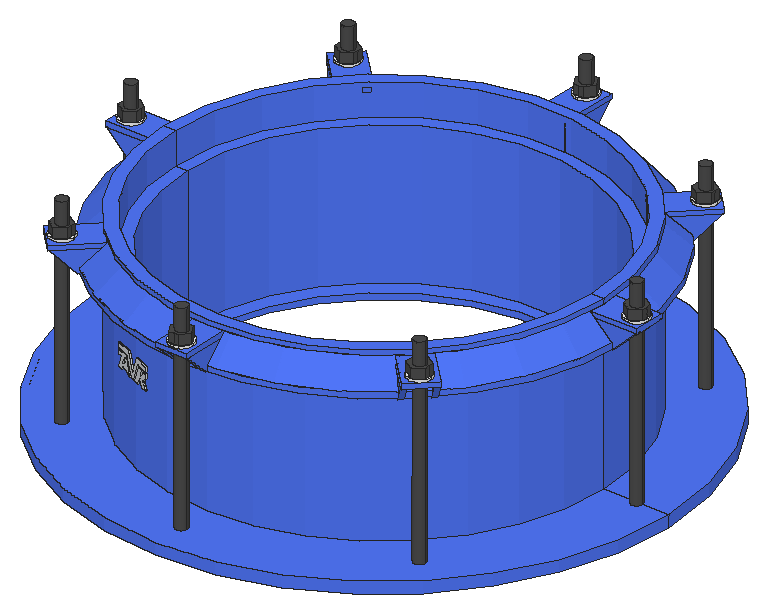
Revit family "603-A-6100-DN400", category Pipe Accessories, Revit 2019
Family settings
  Round Connector Dimension = Use Diameter
  Part Type = Valve - Breaks Into
  Work Plane-Based = No
  Always vertical = Yes
  Cut with Voids When Loaded = No
  Shared = No
Parameters (values of type "603-436-000-4100_DN400")
  Washer_ref = size_lookup(Search_table, "Washer_ref", 0 mm, [Nomianal_Diameter(DN)])  # 188 mm
  Washer = 3 mm  # constant formula
  URL product pages = "https://www.avkvalves.com/P.aspx?no=6034360006100"
  Search_table = "603-A-6100-DN400"
  Rib_width = size_lookup(Search_table, "Rib_width", 0 mm, [Nomianal_Diameter(DN)])  # 556 mm
  Rib_length = 32 mm  # constant formula
  Rib_Thickness = 5 mm  # constant formula
  PCD = size_lookup(Search_table, "PCD", 0 mm, [Nomianal_Diameter(DN)])  # 530 mm
  Nut = 10 mm  # constant formula
  Length = size_lookup(Search_table, "Length", 0 mm, [Nomianal_Diameter(DN)])  # 165 mm
  L1 = size_lookup(Search_table, "L1", 0 mm, [Nomianal_Diameter(DN)])  # 100 mm
  L3 = size_lookup(Search_table, "L3", 0 mm, [Nomianal_Diameter(DN)]) - 7 mm  # 158 mm
  L = size_lookup(Search_table, "L", 0 mm, [Nomianal_Diameter(DN)]) - Bottm_height  # 220 mm
  ID = [Nomianal_Diameter(DN)] / 2.5  # 160 mm
  Nomianal_Diameter(DN) = 400 mm
  H1 = size_lookup(Search_table, "H1", 0 mm, [Nomianal_Diameter(DN)])  # 33 mm
  Description_ = "AVK UNIVERSAL SUPA® FLANGE ADAPTOR"
  DN400_436-462 = "603-462-000-6100"
  DN400_410- 436 = "603-436-000-6100"
  DN2_ref = DN2 / 2  # 205 mm
  DN2 = size_lookup(Search_table, "DN2", 0 mm, [Nomianal_Diameter(DN)])  # 410 mm
  DN1_ref = DN1 / 2  # 218 mm
  DN1 = size_lookup(Search_table, "DN1", 0 mm, [Nomianal_Diameter(DN)])  # 436 mm
  D4 = (PCD / 2) + Bottom_Flange_Thicckness  # 277 mm
  D3 = (D2 * 1.1)  # 253.55 mm
  D2 = size_lookup(Search_table, "D2", 0 mm, [Nomianal_Diameter(DN)]) / 2  # 230.5 mm
  D = size_lookup(Search_table, "D", 0 mm, [Nomianal_Diameter(DN)]) / 2  # 298.5 mm
  Bottom_Flange_Thicckness = 12 mm  # constant formula
  Bottm_height = size_lookup(Search_table, "Bottm_height", 0 mm, [Nomianal_Diameter(DN)])  # 6 mm
  Bottm_cut = size_lookup(Search_table, "Bottm_cut", 0 mm, [Nomianal_Diameter(DN)]) / 2  # 242 mm
  Bolt_width = 20 mm  # constant formula
  Bolt_ref = size_lookup(Search_table, "Bolt_ref", 0 mm, [Nomianal_Diameter(DN)])  # 198 mm
Types (3, lengths in mm): name | ID | Nomianal_Diameter(DN) | DN2_ref | DN2 | DN1_ref | DN1 | D3 | D2
  (no name) | 160 | 400 | 205 | 410 | 218 | 436 | 253.55 | 230.5
  603-436-000-4100_DN400 | 160 | 400 | 205 | 410 | 218 | 436 | 253.55 | 230.5
  603-462-000-4100_DN400 | 160.04 | 400.1 | 218 | 436 | 231 | 462 | 261.25 | 237.5
Reference planes
  plane 1 "Center (Front/Back)": y = 0
  plane 2: z = 0
  plane 3 "Center (Left/Right)": x = 0
  plane 4: y = 278
  plane 5: y = -278
  plane 6: x = -278
  plane 7: x = 278
  plane 8: z = 165
  plane 9: z = 159
  plane 10: y = -11.5
  plane 11: y = 11.5
  plane 12: x = 11
  plane 13: x = -11
  plane 14: x = -265
  plane 15: x = 265
  plane 16: y = 265
  plane 17: y = -265
  plane 18: x = -255
  plane 19: x = -275
  plane 20: y = 11.187
  plane 21: y = -11.187
  plane 22: y = 5
  plane 23: y = 5
  plane 24: y = -5
  plane 25: y = -5
  plane 26: x = 0
  plane 27: x = 0
  plane 28: y = -255
  plane 29: y = -275
  plane 30: x = -5
  plane 31: x = 5
  plane 32: x = 5
  plane 33: x = -5
  plane 34: x = 11
  plane 35: x = -11
  plane 36: y = 265
  plane 37: y = 275
  plane 38: y = 255
  plane 39: x = -5
  plane 40: x = 5
  plane 41: x = 11
  plane 42: x = -11
  plane 43: x = 11
  plane 44: x = -11
  plane 45: x = 265
  plane 46: x = 275
  plane 47: x = 255
  plane 48: y = 11.187
  plane 49: y = -11.187
  plane 50: y = 5
  plane 51: y = 5
  plane 52: y = -5
  plane 53: y = -5
  plane 54: y = 11.187
  plane 55: y = -11.187
  plane 56: x = 64.5
  plane 57: x = -64.5
  plane 58: y = 64.5
  plane 59: y = -64.5
  plane 60: x = -265
  plane 61: x = 265
  plane 62: x = -250
  plane 63: z = -1.012
  plane 64: x = 265
  plane 65: x = -265
  plane 66: x = 250
  plane 67: z = -1.012
  plane 68: y = 265
  plane 69: y = -265
  plane 70: y = -265
  plane 71: y = 265
  plane 72: z = -6
  plane 73: x = -298.5
  plane 74: x = 298.5
  plane 75: through (0, 0, 1200) normal (-0.7071, -0.7071, 0)
  plane 76: through (0, 0, 1200) normal (-0.7071, 0.7071, 0)
  plane 77: through (0, 0, 1200) normal (-0.7071, 0.7071, 0)
  plane 78: x = -187.278
  plane 79: x = -177.278
  plane 80: x = -197.278
  plane 81: through (0, 0, 1200) normal (0.7071, 0.7071, 0)
  plane 82: x = 187.477
  plane 83: x = 197.477
  plane 84: x = 177.477
  plane 85: through (0, 0, 1200) normal (-0.7071, 0.7071, 0)
  plane 86: x = 187.278
  plane 87: x = 177.278
  plane 88: x = 197.278
  plane 89: x = -187.477
  plane 90: x = -197.477
  plane 91: x = -177.477
  plane 92: x = -187.278
  plane 93: x = 342.722
  plane 94: x = -172.278
  plane 95: z = -1.012
  plane 96: x = 187.278
  plane 97: x = -342.722
  plane 98: x = 172.278
  plane 99: z = -1.012
  plane 100: x = -187.278
  plane 101: x = 342.722
  plane 102: x = -172.278
  plane 103: z = -1.012
  plane 104: x = 187.278
  plane 105: x = -342.722
  plane 106: x = 172.278
  plane 107: z = -1.012
Forms (mm)
  Revolve 1, solid, material "Plastic"
    sketch origin (0, 0, 0) x (1, 0, 0) y (0, 0, 1)
      loop
        line (0, 0) -> (298.5, 0) -> (298.5, 12) -> (230.5, 12) -> (230.5, 158) -> (253.55, 158) -> (253.55, 164) -> (230.5, 186) -> (230.5, 191) -> (0, 191) -> (0, 0)
      axis (0, 0) -> (0, 191)
    angle from 0 to 360
  Extrusion 2, solid, material "Plastic"
    sketch origin (0, 0, 0) x (1, 0, 0) y (0, 0, 1)
      loop
        line (-16, 186) -> (-16, 181) -> (16, 181) -> (16, 186) -> (-16, 186)
    from -278 to 278
  Extrusion 3, solid, material "Plastic"
    sketch origin (0, 0, 0) x (0, 1, 0) y (0, 0, 1)
      loop
        line (16.5, 186) -> (-16.5, 186) -> (-16.5, 181) -> (16.5, 181) -> (16.5, 186)
    from -278 to 278
  Extrusion 4, solid, material "Stainless Steel AISI 304"
    sketch origin (0, 0, 0) x (1, 0, 0) y (0, 1, 0)
      loop
        circle (0, 265) r 6
      loop
        circle (0, -265) r 6
      loop
        circle (-265, 0) r 6
      loop
        circle (265, 0) r 6
      loop
        circle (-187.383, 187.383) r 6
      loop
        circle (187.383, -187.383) r 6
      loop
        circle (187.383, 187.383) r 6
      loop
        circle (-187.383, -187.383) r 6
    from 12 to 220
  Extrusion 5, solid, material "Plastic"
    sketch origin (0, 0, 0) x (0.707107, -0.707107, 0) y (0, 0, 1)
      loop
        line (-253.55, 158) -> (0, 158) -> (253.55, 158) -> (277, 181) -> (0, 181) -> (-277, 181) -> (-253.55, 158)
    from 11.5 to 16.5
  Extrusion 6, solid, material "Plastic"
    sketch origin (0, 0, 0) x (0.707107, -0.707107, 0) y (0, 0, 1)
      loop
        line (253.55, 158) -> (277, 181) -> (-277, 181) -> (-253.55, 158) -> (253.55, 158)
    from -16.5 to -11.5
  Extrusion 7, solid, material "Plastic"
    sketch origin (0, 0, 0) x (0, 1, 0) y (0, 0, 1)
      loop
        line (277, 181) -> (-277, 181) -> (-253.55, 158) -> (253.55, 158) -> (277, 181)
    from 11 to 16
  Extrusion 8, solid, material "Plastic"
    sketch origin (0, 0, 0) x (0, 1, 0) y (0, 0, 1)
      loop
        line (253.55, 158) -> (277, 181) -> (-277, 181) -> (-253.55, 158) -> (0, 158) -> (253.55, 158)
    from -16 to -11
  Extrusion 9, solid, material "Stainless Steel AISI 304"
    sketch origin (0, 0, 0) x (1, 0, 0) y (0, 1, 0)
      loop
        line (-275, 0) -> (-275, -5) -> (-265, -11.187) -> (-255, -5) -> (-255, 0) -> (-255, 5) -> (-265, 11.187) -> (-275, 5) -> (-275, 0)
      loop
        line (0, -255) -> (-5, -255) -> (-11, -265) -> (-5, -275) -> (0, -275) -> (5, -275) -> (11, -265) -> (5, -255) -> (0, -255)
      loop
        line (0, 275) -> (-5, 275) -> (-11, 265) -> (-5, 255) -> (0, 255) -> (5, 255) -> (11, 265) -> (5, 275) -> (0, 275)
      loop
        line (255, 0) -> (255, -5) -> (265, -11.187) -> (275, -5) -> (275, 0) -> (275, 5) -> (265, 11.187) -> (255, 5) -> (255, 0)
      loop
        line (-197.278, 187.278) -> (-197.278, 182.278) -> (-187.278, 176.091) -> (-177.278, 182.278) -> (-177.278, 187.278) -> (-177.278, 192.278) -> (-187.278, 198.465) -> (-197.278, 192.278) -> (-197.278, 187.278)
      loop
        line (177.477, -187.477) -> (177.477, -192.477) -> (187.477, -198.664) -> (197.477, -192.477) -> (197.477, -187.477) -> (197.477, -182.477) -> (187.477, -176.29) -> (177.477, -182.477) -> (177.477, -187.477)
      loop
        line (197.278, 187.278) -> (197.278, 192.278) -> (187.278, 198.465) -> (177.278, 192.278) -> (177.278, 187.278) -> (177.278, 182.278) -> (187.278, 176.091) -> (197.278, 182.278) -> (197.278, 187.278)
      loop
        line (-177.477, -187.477) -> (-177.477, -182.477) -> (-187.477, -176.29) -> (-197.477, -182.477) -> (-197.477, -187.477) -> (-197.477, -192.477) -> (-187.477, -198.664) -> (-177.477, -192.477) -> (-177.477, -187.477)
    from 188 to 198
  Extrusion 10, solid, material "Stainless Steel AISI 304(1)"
    sketch origin (0, 0, 0) x (1, 0, 0) y (0, 1, 0)
      loop
        circle (0, 265) r 11.994
      loop
        circle (265, 0) r 11.966
      loop
        circle (-265, 0) r 11.97
      loop
        circle (0, -265) r 12
      loop
        circle (-187.383, 187.383) r 12
      loop
        circle (187.383, -187.383) r 12
      loop
        circle (187.357, 187.357) r 12
      loop
        circle (-187.357, -187.357) r 12
    from 186 to 188
  Revolve 11, solid, material "Plastic"
    sketch origin (0, 0, 0) x (1, 0, 0) y (0, 0, 1)
      loop
        line (160, 0) -> (160, -6) -> (242, -6) -> (242, 0) -> (160, 0)
      axis (0, -6) -> (0, 0)
    angle from 0 to 360
  Revolve 12, solid, material "Stainless Steel AISI 304"
    sketch origin (0, 0, 0) x (1, 0, 0) y (0, 0, 1)
      loop
        line (-265, 0) -> (-265, -2.588)
        arc (-265, -2.588) -> (-257.462, -2.16) -> (-250, -1.012) r 78.744
        line (-250, -1.012) -> (-250, 0) -> (-265, 0)
      axis (-265, -2.588) -> (-265, 0)
    angle from 0 to 360
  Revolve 13, solid, material "Stainless Steel AISI 304"
    sketch origin (0, 0, 0) x (-1, 0, 0) y (0, 0, 1)
      loop
        line (-265, 0) -> (-265, -2.588)
        arc (-265, -2.588) -> (-257.462, -2.16) -> (-250, -1.012) r 78.744
        line (-250, -1.012) -> (-250, 0) -> (-265, 0)
      axis (-265, -2.588) -> (-265, 0)
    angle from 0 to 360
  Revolve 14, solid, material "Stainless Steel AISI 304"
    sketch origin (0, 0, 0) x (0, 1, 0) y (0, 0, 1)
      loop
        line (265, 0) -> (250, 0) -> (250, -1.043)
        arc (250, -1.043) -> (257.453, -2.383) -> (265, -3) r 78.7
        line (265, -3) -> (265, 0)
      axis (265, -3) -> (265, 0)
    angle from 0 to 360
  Revolve 15, solid, material "Stainless Steel AISI 304"
    sketch origin (0, 0, 0) x (0, -1, 0) y (0, 0, 1)
      loop
        line (265, 0) -> (250, 0) -> (250, -1.043)
        arc (250, -1.043) -> (257.453, -2.383) -> (265, -3) r 78.7
        line (265, -3) -> (265, 0)
      axis (265, -3) -> (265, 0)
    angle from 0 to 360
  Extrusion 16, solid, material "Plastic"
    sketch origin (0, 0, 0) x (1, 0, 0) y (0, 0, 1)
      loop
        line (-253.55, 158) -> (0, 158) -> (253.55, 158) -> (277, 181) -> (0, 181) -> (-277, 181) -> (-253.55, 158)
    from 11.5 to 16.5
  Extrusion 17, solid, material "Plastic"
    sketch origin (0, 0, 0) x (1, 0, 0) y (0, 0, 1)
      loop
        line (253.55, 158) -> (277, 181) -> (-277, 181) -> (-253.55, 158) -> (253.55, 158)
    from -16.5 to -11.5
  Extrusion 18, solid, material "Plastic"
    sketch origin (0, 0, 0) x (-0.707107, -0.707107, 0) y (0, 0, -1)
      loop
        line (-253.55, -158) -> (-277, -181) -> (0, -181) -> (277, -181) -> (253.55, -158) -> (0, -158) -> (-253.55, -158)
    from 11.5 to 16.5
  Extrusion 19, solid, material "Plastic"
    sketch origin (0, 0, 0) x (-0.707107, -0.707107, 0) y (0, 0, -1)
      loop
        line (253.55, -158) -> (-253.55, -158) -> (-277, -181) -> (277, -181) -> (253.55, -158)
    from -16.5 to -11.5
  Extrusion 20, solid, material "Plastic"
    sketch origin (0, 0, 0) x (0.707107, 0.707107, 0) y (0, 0, 1)
      loop
        line (-16, 186) -> (-16, 181) -> (16, 181) -> (16, 186) -> (-16, 186)
    from -278 to 278
  Extrusion 21, solid, material "Plastic"
    sketch origin (0, 0, 0) x (-0.707107, 0.707107, 0) y (0, 0, -1)
      loop
        line (-16, -186) -> (16, -186) -> (16, -181) -> (-16, -181) -> (-16, -186)
    from -278 to 278
  Revolve 22, solid, material "Stainless Steel AISI 304"
    sketch origin (77.722, 187.278, 0) x (1, 0, 0) y (0, 0, 1)
      loop
        line (-265, 0) -> (-265, -2.588)
        arc (-265, -2.588) -> (-257.462, -2.16) -> (-250, -1.012) r 78.744
        line (-250, -1.012) -> (-250, 0) -> (-265, 0)
      axis (-265, -2.588) -> (-265, 0)
    angle from 0 to 360
  Revolve 23, solid, material "Stainless Steel AISI 304"
    sketch origin (-77.722, 187.278, 0) x (-1, 0, 0) y (0, 0, -1)
      loop
        line (-265, 0) -> (-250, 0) -> (-250, 1.012)
        arc (-250, 1.012) -> (-257.462, 2.16) -> (-265, 2.588) r 78.744
        line (-265, 2.588) -> (-265, 0)
      axis (-265, 2.588) -> (-265, 0)
    angle from 0 to 360
  Revolve 24, solid, material "Stainless Steel AISI 304"
    sketch origin (77.722, -187.278, 0) x (1, 0, 0) y (0, 0, -1)
      loop
        line (-265, 0) -> (-250, 0) -> (-250, 1.012)
        arc (-250, 1.012) -> (-257.462, 2.16) -> (-265, 2.588) r 78.744
        line (-265, 2.588) -> (-265, 0)
      axis (-265, 2.588) -> (-265, 0)
    angle from 0 to 360
  Revolve 25, solid, material "Stainless Steel AISI 304"
    sketch origin (-77.722, -187.278, 0) x (-1, 0, 0) y (0, 0, 1)
      loop
        line (-265, 0) -> (-265, -2.588)
        arc (-265, -2.588) -> (-257.462, -2.16) -> (-250, -1.012) r 78.744
        line (-250, -1.012) -> (-250, 0) -> (-265, 0)
      axis (-265, -2.588) -> (-265, 0)
    angle from 0 to 360
  Revolve 26, void
    sketch origin (0, 0, 0) x (1, 0, 0) y (0, 0, 1)
      loop
        line (292.452, 0) -> (292.452, 10) -> (160, 10) -> (160, 0) -> (292.452, 0)
      axis (0, 0) -> (0, 10)
    angle from 0 to 360
  Revolve 27, void
    sketch origin (0, 0, 0) x (1, 0, 0) y (0, 0, 1)
      loop
        line (0, 191) -> (0, -6) -> (205, -6) -> (205, 158) -> (218, 158) -> (218, 191) -> (0, 191)
      axis (0, -6) -> (0, 191)
    angle from 0 to 360
Cuts and joins
  Revolve 26, Revolve 27 cuts Revolve 1
  Revolve 26, Revolve 27 cuts Revolve 11
  Revolve 26 cuts Revolve 12
  Revolve 26 cuts Revolve 13
  Revolve 26 cuts Revolve 14
  Revolve 26 cuts Revolve 15
  Revolve 26 cuts Revolve 22
  Revolve 26 cuts Revolve 23
  Revolve 26 cuts Revolve 24
  Revolve 26 cuts Revolve 25
  Revolve 27 cuts Extrusion 2
  Revolve 27 cuts Extrusion 3
  Revolve 27 cuts Extrusion 5
  Revolve 27 cuts Extrusion 6
  Revolve 27 cuts Extrusion 7
  Revolve 27 cuts Extrusion 8
  Revolve 27 cuts Extrusion 16
  Revolve 27 cuts Extrusion 17
  Revolve 27 cuts Extrusion 18
  Revolve 27 cuts Extrusion 19
  Revolve 27 cuts Extrusion 20
  Revolve 27 cuts Extrusion 21
Dimensions and locks
  "D": Revolve 1 sketch curve to plane 3 "Center (Left/Right)"
  "Bottom_Flange_Thicckness": Revolve 1 sketch curve to Revolve 1 sketch curve
  "L3": Revolve 1 sketch curve to Revolve 1 sketch curve
  "H1": Revolve 1 sketch curve to Revolve 1 sketch curve
  "D2": Revolve 1 sketch curve to Revolve 1 sketch curve  (x2)
  "D3": Revolve 1 sketch curve to Revolve 1 sketch curve
  equal spacing: Extrusion 2 sketch curve, plane 3 "Center (Left/Right)", Extrusion 2 sketch curve
  "Rib_length": Extrusion 2 sketch curve to Extrusion 2 sketch curve
  equal spacing: plane 4, plane 1 "Center (Front/Back)", plane 5
  "Rib_width": plane 4 to plane 5
  equal spacing: Extrusion 3 sketch curve, plane 1 "Center (Front/Back)", Extrusion 3 sketch curve
  "H1": Extrusion 3 sketch curve to Extrusion 3 sketch curve
  equal spacing: plane 6, plane 3 "Center (Left/Right)", plane 7
  "Rib_width": plane 6 to plane 7
  equal spacing: Extrusion 4 sketch curve, plane 3 "Center (Left/Right)", Extrusion 4 sketch curve
  equal spacing: Extrusion 4 sketch curve, plane 1 "Center (Front/Back)", Extrusion 4 sketch curve
  "PCD": Extrusion 4 sketch curve to Extrusion 4 sketch curve  (x4)
  "Rib_Thickness": Extrusion 3 sketch curve to Extrusion 3 sketch curve
  "Rib_Thickness": Extrusion 2 sketch curve to Extrusion 2 sketch curve
  Extrusion 5 sketch curve to Extrusion 5 sketch curve = 507.1 mm
  Extrusion 5 sketch curve to Extrusion 5 sketch curve = 554 mm
  "Rib_Thickness": plane 10 to Extrusion 3
  "Rib_Thickness": Extrusion 3 to plane 11
  equal spacing: Extrusion 7 sketch curve, plane 1 "Center (Front/Back)", Extrusion 7 sketch curve  (x2)
  "D3": Extrusion 7 sketch curve to plane 1 "Center (Front/Back)"
  "D4": Extrusion 7 sketch curve to plane 1 "Center (Front/Back)"
  "Rib_Thickness": Extrusion 2 to plane 12
  "Rib_Thickness": Extrusion 2 to plane 13
  equal spacing: plane 14, plane 3 "Center (Left/Right)", plane 15
  "PCD": plane 14 to plane 15
  equal spacing: plane 16, plane 1 "Center (Front/Back)", plane 17
  "PCD": plane 16 to plane 17
  equal spacing: plane 19, plane 14, plane 18
  equal spacing: plane 22, plane 1 "Center (Front/Back)", plane 24
  equal spacing: plane 30, plane 27, plane 31
  equal spacing: plane 28, plane 17, plane 29
  plane 30 to plane 31 = 10 mm
  "Bolt_width": plane 28 to plane 29
  plane 23 to plane 25 = 10 mm
  "Bolt_width": plane 19 to plane 18
  equal spacing: plane 39, plane 27, plane 40
  equal spacing: plane 38, plane 36, plane 37
  plane 39 to plane 40 = 10 mm
  "Bolt_width": plane 38 to plane 37
  equal spacing: plane 46, plane 45, plane 47
  equal spacing: plane 50, plane 1 "Center (Front/Back)", plane 52
  plane 51 to plane 53 = 10 mm
  "Bolt_width": plane 46 to plane 47
  equal spacing: Extrusion 10 sketch curve, plane 3 "Center (Left/Right)", Extrusion 10 sketch curve
  equal spacing: Extrusion 10 sketch curve, plane 1 "Center (Front/Back)", Extrusion 10 sketch curve
  "PCD": Extrusion 10 sketch curve to Extrusion 10 sketch curve  (x3)
  "ID": Revolve 11 sketch curve to plane 3 "Center (Left/Right)"
  "Bottm_cut": Revolve 11 sketch curve to plane 3 "Center (Left/Right)"
  "Rib_Thickness": Revolve 1 sketch curve to Revolve 1 sketch curve
  equal spacing: plane 61, plane 3 "Center (Left/Right)", plane 60
  "PCD": plane 61 to plane 60
  plane 62 to plane 60 = 15 mm
  "PCD": plane 65 to plane 64
  plane 66 to plane 64 = 15 mm
  equal spacing: plane 64, plane 3 "Center (Left/Right)", plane 65
  plane 68 to Revolve 14 sketch curve = 15 mm
  equal spacing: plane 68, plane 1 "Center (Front/Back)", plane 69
  "PCD": plane 68 to plane 69
  plane 70 to Revolve 15 sketch curve = 15 mm
  "PCD": plane 70 to plane 71
  equal spacing: plane 71, plane 1 "Center (Front/Back)", plane 70
  equal spacing: plane 74, plane 3 "Center (Left/Right)", plane 73
  plane 74 to plane 73 = 597 mm
  "D": plane 74 to plane 3 "Center (Left/Right)"
  "Washer_ref": Extrusion 10 to level
  "Bolt_ref": Extrusion 9 to level
  Extrusion 16 sketch curve to Extrusion 16 sketch curve = 507.1 mm
  Extrusion 16 sketch curve to Extrusion 16 sketch curve = 554 mm
  Extrusion 18 sketch curve to Extrusion 18 sketch curve = 507.1 mm
  Extrusion 18 sketch curve to Extrusion 18 sketch curve = 554 mm
  Extrusion 20 sketch curve to Extrusion 20 sketch curve = 32 mm
  "Rib_length": Extrusion 20 sketch curve to Extrusion 20 sketch curve
  "Rib_Thickness": Extrusion 20 sketch curve to Extrusion 20 sketch curve
  Extrusion 21 sketch curve to Extrusion 21 sketch curve = 32 mm
  "Rib_length": Extrusion 21 sketch curve to Extrusion 21 sketch curve
  "Rib_Thickness": Extrusion 21 sketch curve to Extrusion 21 sketch curve
  equal spacing: Extrusion 10 sketch curve, plane 76, Extrusion 10 sketch curve
  equal spacing: Extrusion 4 sketch curve, plane 77, Extrusion 4 sketch curve
  equal spacing: plane 80, plane 78, plane 79
  "Bolt_width": plane 80 to plane 79
  equal spacing: plane 84, plane 82, plane 83
  "Bolt_width": plane 84 to plane 83
  Extrusion 9 sketch curve to plane 85 to Extrusion 9 sketch curve = 261.316 mm, 268.668 mm
  equal spacing: plane 88, plane 86, plane 87
  "Bolt_width": plane 88 to plane 87
  equal spacing: plane 91, plane 89, plane 90
  "Bolt_width": plane 91 to plane 90
  plane 93 to plane 92 = 530 mm
  "PCD": plane 93 to plane 92
  plane 94 to plane 92 = 15 mm
  plane 97 to plane 96 = 530 mm
  "PCD": plane 97 to plane 96
  plane 98 to plane 96 = 15 mm
  plane 101 to plane 100 = 530 mm
  "PCD": plane 101 to plane 100
  plane 102 to plane 100 = 15 mm
  plane 105 to plane 104 = 530 mm
  "PCD": plane 105 to plane 104
  plane 106 to plane 104 = 15 mm
  equal spacing: Extrusion 4 sketch curve, plane 75, Extrusion 4 sketch curve
  Extrusion 4 to cut or joined group of Revolve 11, Revolve 26, Revolve 27 = 226 mm
  cut or joined group of Revolve 1, Revolve 26, Revolve 27 to cut or joined group of Revolve 11, Revolve 26, Revolve 27 = 164 mm
  locked: plane 74 to Revolve 26 sketch curve at 6.048
  "ID": Revolve 26 sketch curve to plane 3 "Center (Left/Right)"
  locked: Revolve 26 sketch curve to cut or joined group of Revolve 1, Revolve 26, Revolve 27 at 10
  Extrusion 4 to cut or joined group of Revolve 1, Revolve 26, Revolve 27 = 210 mm
  "DN1_ref": Revolve 27 sketch curve to plane 3 "Center (Left/Right)"
  "DN2_ref": Revolve 27 sketch curve to plane 3 "Center (Left/Right)"
  radius of Extrusion 10 sketch curve = 11.994 mm
  radius of Extrusion 10 sketch curve = 11.97 mm
  radius of Extrusion 10 sketch curve = 11.966 mm
  radius of Extrusion 10 sketch curve = 12 mm  (x5)
  radius of Extrusion 4 sketch curve = 6 mm  (x8)
  aligned and locked: level to plane 2
  aligned and locked: Revolve 1 sketch curve to plane 3 "Center (Left/Right)"
  aligned and locked: Revolve 1 sketch curve to Revolve 1 sketch curve
  aligned and locked: Revolve 1 to Extrusion 2 sketch curve
  aligned and locked: plane 4 to Extrusion 2
  aligned and locked: Extrusion 2 to plane 5
  aligned and locked: Extrusion 2 to Extrusion 3 sketch curve
  aligned and locked: plane 6 to Extrusion 3
  aligned and locked: Extrusion 3 to plane 7
  aligned and locked: Revolve 1 to Extrusion 5 sketch curve  (x2)
  aligned and locked: Extrusion 5 sketch curve to Extrusion 3
  aligned and locked: Extrusion 3 to Extrusion 5 sketch curve
  aligned and locked: Extrusion 6 sketch curve to Extrusion 5  (x3)
  aligned and locked: Extrusion 6 sketch curve to Revolve 1
  aligned and locked: Extrusion 2 to Extrusion 7 sketch curve
  aligned and locked: Extrusion 7 sketch curve to Revolve 1
  aligned and locked: Extrusion 7 to Extrusion 2
  aligned and locked: Extrusion 7 to plane 12
  aligned and locked: Revolve 1 to Extrusion 8 sketch curve
  aligned and locked: Extrusion 8 sketch curve to Revolve 1
  aligned and locked: Extrusion 2 to Extrusion 8 sketch curve
  aligned and locked: Extrusion 2 to Extrusion 8
  aligned and locked: plane 13 to Extrusion 8
  aligned and locked: plane 22 to Extrusion 9 sketch curve
  aligned and locked: plane 18 to Extrusion 9 sketch curve  (x2)
  aligned and locked: Extrusion 9 sketch curve to plane 24
  aligned and locked: plane 19 to Extrusion 9 sketch curve  (x2)
  aligned and locked: Extrusion 9 sketch curve to plane 25
  aligned and locked: plane 23 to Extrusion 9 sketch curve
  aligned and locked: plane 14 to Extrusion 9 sketch curve  (x2)
  aligned and locked: plane 20 to Extrusion 9 sketch curve
  aligned and locked: Extrusion 9 sketch curve to plane 21
  aligned and locked: plane 32 to Extrusion 9 sketch curve
  aligned and locked: plane 28 to Extrusion 9 sketch curve  (x2)
  aligned and locked: Extrusion 9 sketch curve to plane 33
  aligned and locked: plane 30 to Extrusion 9 sketch curve
  aligned and locked: plane 29 to Extrusion 9 sketch curve  (x2)
  aligned and locked: Extrusion 9 sketch curve to plane 31
  aligned and locked: plane 34 to Extrusion 9 sketch curve
  aligned and locked: plane 17 to Extrusion 9 sketch curve  (x2)
  aligned and locked: Extrusion 9 sketch curve to plane 35
  aligned and locked: plane 38 to Extrusion 9 sketch curve  (x2)
  aligned and locked: plane 40 to Extrusion 9 sketch curve  (x2)
  aligned and locked: Extrusion 9 sketch curve to plane 39  (x2)
  aligned and locked: plane 37 to Extrusion 9 sketch curve  (x2)
  aligned and locked: plane 44 to Extrusion 9 sketch curve
  aligned and locked: Extrusion 9 sketch curve to plane 43
  aligned and locked: plane 36 to Extrusion 9 sketch curve  (x2)
  aligned and locked: plane 47 to Extrusion 9 sketch curve  (x2)
  aligned and locked: Extrusion 9 sketch curve to plane 51  (x2)
  aligned and locked: plane 53 to Extrusion 9 sketch curve  (x2)
  aligned and locked: plane 46 to Extrusion 9 sketch curve  (x2)
  aligned and locked: plane 54 to Extrusion 9 sketch curve
  aligned and locked: plane 45 to Extrusion 9 sketch curve  (x2)
  aligned and locked: Extrusion 9 sketch curve to plane 55
  aligned and locked: plane 45 to plane 15
  aligned and locked: plane 36 to plane 16
  aligned and locked: plane 3 "Center (Left/Right)" to Revolve 11 sketch curve
  aligned and locked: Revolve 1 to Revolve 11
  aligned and locked: Extrusion 4 to Revolve 1
  aligned and locked: plane 60 to Revolve 12 sketch curve  (x2)
  aligned and locked: plane 62 to Revolve 12 sketch curve
  aligned and locked: plane 63 to Revolve 12 sketch curve
  aligned and locked: Revolve 13 sketch curve to plane 64  (x2)
  aligned and locked: Revolve 13 sketch curve to plane 66
  aligned and locked: plane 67 to Revolve 13 sketch curve
  aligned and locked: plane 68 to Revolve 14 sketch curve
  aligned and locked: Revolve 14 sketch curve to plane 68
  aligned and locked: Revolve 15 sketch curve to plane 70
  aligned and locked: plane 70 to Revolve 15 sketch curve
  aligned and locked: Extrusion 9 to Extrusion 10
  aligned and locked: Extrusion 17 sketch curve to Extrusion 16  (x3)
  aligned and locked: Extrusion 19 sketch curve to Extrusion 18  (x3)
  aligned and locked: plane 79 to Extrusion 9 sketch curve  (x2)
  aligned and locked: plane 80 to Extrusion 9 sketch curve  (x2)
  aligned and locked: plane 78 to Extrusion 9 sketch curve  (x2)
  aligned and locked: plane 83 to Extrusion 9 sketch curve  (x2)
  aligned and locked: plane 84 to Extrusion 9 sketch curve  (x2)
  aligned and locked: plane 82 to Extrusion 9 sketch curve  (x2)
  aligned and locked: Extrusion 9 sketch curve to plane 87  (x2)
  aligned and locked: Extrusion 9 sketch curve to plane 88  (x2)
  aligned and locked: Extrusion 9 sketch curve to plane 86  (x2)
  aligned and locked: Extrusion 9 sketch curve to plane 90  (x2)
  aligned and locked: Extrusion 9 sketch curve to plane 91  (x2)
  aligned and locked: Extrusion 9 sketch curve to plane 89  (x2)
  aligned and locked: plane 92 to Revolve 22 sketch curve  (x2)
  aligned and locked: plane 94 to Revolve 22 sketch curve
  aligned and locked: plane 95 to Revolve 22 sketch curve
  aligned and locked: plane 96 to Revolve 23 sketch curve  (x2)
  aligned and locked: plane 98 to Revolve 23 sketch curve
  aligned and locked: plane 99 to Revolve 23 sketch curve
  aligned and locked: plane 100 to Revolve 24 sketch curve  (x2)
  aligned and locked: plane 102 to Revolve 24 sketch curve
  aligned and locked: plane 103 to Revolve 24 sketch curve
  aligned and locked: plane 104 to Revolve 25 sketch curve  (x2)
  aligned and locked: plane 106 to Revolve 25 sketch curve
  aligned and locked: plane 107 to Revolve 25 sketch curve
  aligned and locked: plane 2 to Revolve 26 sketch curve
  aligned and locked: plane 3 "Center (Left/Right)" to Revolve 26 sketch curve
  aligned and locked: cut or joined group of Revolve 1, Revolve 26, Revolve 27 to Revolve 25 sketch curve
  aligned and locked: Revolve 27 sketch curve to cut or joined group of Revolve 1, Revolve 26, Revolve 27
  aligned and locked: plane 3 "Center (Left/Right)" to Revolve 27 sketch curve
  aligned and locked: Revolve 27 sketch curve to Revolve 27 sketch curve
  aligned and locked: Extrusion 16 to cut or joined group of Extrusion 2, Revolve 27
  aligned and locked: Extrusion 18 to cut or joined group of Extrusion 2, Revolve 27
  aligned and locked: Revolve 24 sketch curve to cut or joined group of Revolve 1, Revolve 26, Revolve 27
  aligned and locked: cut or joined group of Revolve 1, Revolve 26, Revolve 27 to Revolve 23 sketch curve
  aligned and locked: Revolve 22 sketch curve to cut or joined group of Revolve 1, Revolve 26, Revolve 27
Automatic sketch dimensions
  Extrusion 5 sketch curve to Extrusion 5 sketch curve = 23.45 mm  (x2)
  Extrusion 5 sketch curve to Extrusion 5 sketch curve = 253.55 mm  (x2)
  Extrusion 5 sketch curve to Extrusion 5 sketch curve = 0 mm
  Extrusion 8 sketch curve to plane 1 "Center (Front/Back)" = 0 mm
  Extrusion 16 sketch curve to plane 3 "Center (Left/Right)" = 0 mm  (x2)
  Extrusion 16 sketch curve to plane 9 = 1 mm
  Extrusion 16 sketch curve to plane 6 = 24.45 mm
  Extrusion 16 sketch curve to plane 6 = 1 mm
  plane 7 to Extrusion 16 sketch curve = 24.45 mm
  plane 7 to Extrusion 16 sketch curve = 1 mm
  plane 8 to Extrusion 16 sketch curve = 16 mm
  Extrusion 17 sketch curve to plane 9 = 1 mm
  Extrusion 18 sketch curve to plane 75 = 0 mm  (x2)
  Extrusion 18 sketch curve to plane 9 = 1 mm
  Extrusion 18 sketch curve to plane 75 = 253.55 mm
  plane 8 to Extrusion 18 sketch curve = 16 mm
  Extrusion 18 sketch curve to Extrusion 18 sketch curve = 23.45 mm  (x2)
  plane 75 to Extrusion 18 sketch curve = 253.55 mm
  Extrusion 19 sketch curve to plane 9 = 1 mm
  plane 5 to Extrusion 8 sketch curve = 24.45 mm
  plane 5 to Extrusion 8 sketch curve = 1 mm
  Extrusion 8 sketch curve to plane 4 = 24.45 mm
  Extrusion 8 sketch curve to plane 4 = 1 mm
  Revolve 1 sketch curve to level = 0 mm
  Revolve 1 sketch curve to plane 8 = 1 mm
  Revolve 1 sketch curve to Revolve 1 sketch curve = 5.069 mm
  Revolve 1 sketch curve to Revolve 1 sketch curve = 0.201 mm
  Extrusion 4 sketch curve to plane 77 = 0 mm
  plane 75 to Extrusion 4 sketch curve = 0 mm  (x2)
  Extrusion 4 sketch curve to plane 3 "Center (Left/Right)" = 0 mm  (x2)
  plane 77 to Extrusion 4 sketch curve = 0 mm
  plane 1 "Center (Front/Back)" to Extrusion 4 sketch curve = 0 mm  (x2)
  Extrusion 9 sketch curve to plane 3 "Center (Left/Right)" = 0 mm  (x4)
  plane 1 "Center (Front/Back)" to Extrusion 9 sketch curve = 0 mm  (x4)
  plane 28 to Extrusion 9 sketch curve = 56.336 mm
  Extrusion 9 sketch curve to Extrusion 9 sketch curve = 16.187 mm  (x2)
  Extrusion 9 sketch curve to Extrusion 9 sketch curve = 6.187 mm  (x10)
  Extrusion 9 sketch curve to Extrusion 9 sketch curve = 10 mm  (x2)
  Extrusion 9 sketch curve to Extrusion 9 sketch curve = 5 mm  (x14)
  plane 38 to Extrusion 9 sketch curve = 78.909 mm
  plane 75 to Extrusion 10 sketch curve = 0 mm  (x2)
  Extrusion 10 sketch curve to plane 76 = 0 mm
  Extrusion 10 sketch curve to plane 3 "Center (Left/Right)" = 0 mm  (x2)
  plane 76 to Extrusion 10 sketch curve = 0 mm
  plane 1 "Center (Front/Back)" to Extrusion 10 sketch curve = 0 mm  (x2)
  plane 5 to Extrusion 10 sketch curve = 90.643 mm
  Extrusion 10 sketch curve to plane 4 = 90.643 mm
  Revolve 11 sketch curve to plane 72 = 0 mm
  Revolve 11 sketch curve to level = 0 mm
  level to Revolve 11 sketch curve = 21.248 mm
  Revolve 11 sketch curve to Revolve 11 sketch curve = 16.264 mm
  Revolve 12 sketch curve to level = 0 mm
  Revolve 12 sketch curve to plane 60 = 0.693 mm
  Revolve 12 sketch curve to level = 2.588 mm
  Revolve 12 sketch curve to plane 72 = 0.648 mm
  Revolve 12 sketch curve to Revolve 12 sketch curve = 3.741 mm
  Revolve 13 sketch curve to level = 0 mm
  plane 64 to Revolve 13 sketch curve = 0.693 mm
  level to Revolve 13 sketch curve = 2.588 mm
  plane 72 to Revolve 13 sketch curve = 0.648 mm
  Revolve 13 sketch curve to Revolve 13 sketch curve = 3.741 mm
  Revolve 14 sketch curve to level = 0 mm
  Revolve 14 sketch curve to plane 68 = 2.633 mm
  Revolve 14 sketch curve to Revolve 14 sketch curve = 1.043 mm
  Revolve 14 sketch curve to Revolve 14 sketch curve = 3 mm
  Revolve 14 sketch curve to plane 72 = 0.357 mm
  Revolve 14 sketch curve to Revolve 14 sketch curve = 3.881 mm
  Revolve 15 sketch curve to level = 0 mm
  plane 70 to Revolve 15 sketch curve = 2.633 mm
  level to Revolve 15 sketch curve = 1.043 mm
  level to Revolve 15 sketch curve = 3 mm
  plane 72 to Revolve 15 sketch curve = 0.357 mm
  Revolve 15 sketch curve to Revolve 15 sketch curve = 3.881 mm
  plane 75 to Extrusion 20 sketch curve = 16 mm
  plane 8 to Extrusion 20 sketch curve = 16 mm
  plane 8 to Extrusion 21 sketch curve = 16 mm
  Revolve 22 sketch curve to plane 92 = 0.693 mm
  Revolve 22 sketch curve to level = 2.588 mm
  Revolve 22 sketch curve to plane 72 = 0.648 mm
  Revolve 22 sketch curve to Revolve 22 sketch curve = 3.741 mm
  Revolve 23 sketch curve to plane 96 = 0.693 mm
  level to Revolve 23 sketch curve = 76.153 mm
  Revolve 23 sketch curve to plane 72 = 0.648 mm
  Revolve 23 sketch curve to Revolve 23 sketch curve = 3.741 mm
  Revolve 24 sketch curve to plane 100 = 0.693 mm
  level to Revolve 24 sketch curve = 76.153 mm
  Revolve 24 sketch curve to plane 72 = 0.648 mm
  Revolve 24 sketch curve to Revolve 24 sketch curve = 3.741 mm
  Revolve 25 sketch curve to plane 104 = 0.693 mm
  Revolve 25 sketch curve to level = 2.588 mm
  Revolve 25 sketch curve to plane 72 = 0.648 mm
  Revolve 25 sketch curve to Revolve 25 sketch curve = 3.741 mm
  level to Revolve 26 sketch curve = 60 mm
  Revolve 26 sketch curve to Revolve 26 sketch curve = 40 mm
  Revolve 27 sketch curve to plane 72 = 0 mm
  Revolve 27 sketch curve to plane 9 = 1 mm
  level to Revolve 27 sketch curve = 64 mm
  Revolve 27 sketch curve to Revolve 27 sketch curve = 40 mm
Nested families
  nested 1: "LOGO - Copy - Copy" at (-93.444, -210.709, 83) x (0.9141, -0.4054, 0) z (-0.4054, -0.9141, 0), type "LOGO - Copy - Copy"
Connectors
  piping at (0, 0, 191), diameter 436, driven by "DN1"
    settings: on Revolve 1, index 1, connector inside diameter 609.6 mm, connector length 0 mm, flow factor 0, pipe flow 0.0 L/s, pressure drop 0.0 Pa, fitting loss kfactor 0, connector angle 0.00°, fixture units 0, engagement length 0 mm, angle of deflection 0.00°, flow configuration 0, flow direction 0, fitting loss method 0, system type 7, joint type 0, gender type 0, connector reference index -1, connector utility 0, adjustable connector no, is connector primary yes, connector description ""
  piping at (0, 0, -6), diameter 410, driven by "DN2"
    settings: on Revolve 11, index 2, connector inside diameter 609.6 mm, connector length 0 mm, flow factor 0, pipe flow 0.0 L/s, pressure drop 0.0 Pa, fitting loss kfactor 0, connector angle 0.00°, fixture units 0, engagement length 0 mm, angle of deflection 0.00°, flow configuration 0, flow direction 0, fitting loss method 0, system type 7, joint type 0, gender type 0, connector reference index -1, connector utility 0, adjustable connector no, is connector primary no, connector description ""
Definition of nested family "LOGO - Copy - Copy"
  Parameters (values of type "LOGO - Copy - Copy")
    Default Elevation = 1219.2 mm
  Reference planes
    plane 1 "Center (Front/Back)": y = 0
    plane 2: z = 0
    plane 3 "Center (Left/Right)": x = 0
  Forms (mm)
    Extrusion 1, solid
      sketch origin (0, 0, 0) x (1, 0, 0) y (0, 1, 0)
        loop
          line (-1219.2, 1219.2) -> (-1219.2, -1219.2) -> (1219.2, -1219.2) -> (1219.2, 1219.2) -> (-1219.2, 1219.2)
      from 0 to -304.8
    Extrusion 2, solid
      sketch origin (0, 0, 0) x (1, 0, 0) y (0, 1, 0)
        loop
          line (-6.514, 34.224) -> (-24, 34.224) -> (-24, 29.481) -> (-9.766, 29.481) -> (-2.391, 11.367) -> (2.391, 11.367) -> (9.766, 29.481) -> (24, 29.481) -> (24, 34.224) -> (6.514, 34.224) -> (0, 18.224) -> (-6.514, 34.224)
        loop
          line (-10.996, 27.653) -> (-24, 27.653) -> (-24, 23.081) -> (-19.503, 23.081) -> (-24, 11.367) -> (-18.92, 11.367) -> (-17.955, 13.881) -> (-10.51, 13.881) -> (-9.486, 11.367) -> (-4.365, 11.367) -> (-10.996, 27.653)
        loop
          line (-16.777, 18.224) -> (-12.278, 18.224) -> (-14.594, 23.912) -> (-16.777, 18.224)
        loop
          line (4.365, 11.367) -> (9.486, 11.367) -> (12.093, 17.77) -> (16.918, 11.367) -> (22.857, 11.367) -> (17.399, 18.61)
          arc (17.399, 18.61) -> (20.583, 20.18) -> (22.629, 23.081) r 7.2
          line (22.629, 23.081) -> (24, 23.081) -> (24, 27.653) -> (19.429, 27.653)
          arc (19.429, 27.653) -> (17.763, 23.526) -> (13.699, 21.714) r 5.943
          line (13.699, 21.714) -> (16.117, 27.653) -> (10.996, 27.653) -> (4.365, 11.367)
      from 0 to 1
  Dimensions and locks
    aligned and locked: plane 2 to Extrusion 1
    aligned and locked: level to Extrusion 1
    aligned and locked: Extrusion 2 sketch curve to import instance
